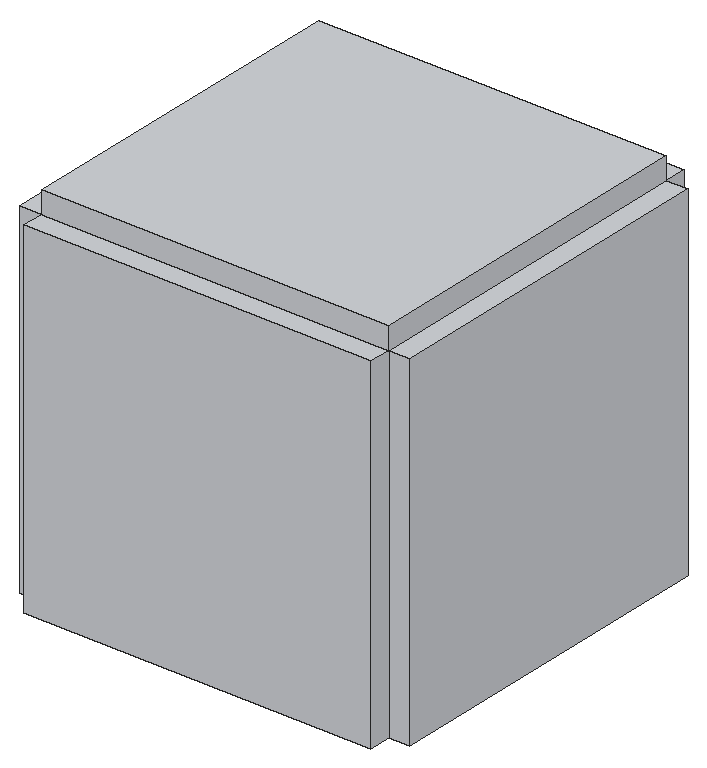
Revit family "Better", category Duct Fittings, Revit 2025
Family settings
  Round Connector Dimension = Use Diameter
  Part Type = Tee
  OmniClass Number = 23.75.70.14
  OmniClass Title = Air Ductwork
  Work Plane-Based = No
  Always vertical = Yes
  Cut with Voids When Loaded = No
  Shared = No
Parameters (values of type "Standard")
  Width' [instance] = Width / 2  # 8"
  Width [instance] = 16"
  X [instance] = 1"
  Top [instance] = yes
  Right [instance] = yes
  Left [instance] = yes
  Height' [instance] = Height / 2  # 8"
  Height [instance] = 16"
  Front [instance] = yes
  Depth' [instance] = Depth / 2  # 8"
  Depth [instance] = 16"
  Default Elevation = 0"
  Back [instance] = yes
Reference planes (in)
  plane 1 "Center (Front/Back)": y = 0
  plane 2: z = 0
  plane 3 "Center (Left/Right)": x = 0
  plane 4: z = 16
Forms (in)
  Extrusion 1, solid, visible <- "Front"
    sketch origin (0, 0, 0) x (1, 0, 0) y (0, 1, 0)
      loop
        line (-8, 8) -> (-8, -8) -> (8, -8) -> (8, 8) -> (-8, 8)
    from 0 to 16
  Extrusion 2, solid, visible <- "Front"
    sketch origin (0, 0, 0) x (1, 0, 0) y (0, 1, 0)
      loop
        line (-8, 9) -> (-8, 8) -> (8, 8) -> (8, 9) -> (-8, 9)
    from 0 to 16
  Extrusion 3, solid, visible <- "Front"
    sketch origin (0, 0, 0) x (1, 0, 0) y (0, 1, 0)
      loop
        line (-8, -8) -> (-8, 8) -> (-9, 8) -> (-9, -8) -> (-8, -8)
    from 0 to 16
  Extrusion 4, solid, visible <- "Front"
    sketch origin (0, 0, 0) x (1, 0, 0) y (0, 1, 0)
      loop
        line (-8, -8) -> (-8, -9) -> (8, -9) -> (8, -8) -> (-8, -8)
    from 0 to 16
  Extrusion 5, solid, visible <- "Front"
    sketch origin (0, 0, 0) x (1, 0, 0) y (0, 1, 0)
      loop
        line (8, 8) -> (8, -8) -> (9, -8) -> (9, 8) -> (8, 8)
    from 0 to 16
  Extrusion 6, solid, visible <- "Front"
    sketch origin (0, 0, 0) x (1, 0, 0) y (0, 1, 0)
      loop
        line (-8, 8) -> (-8, -8) -> (8, -8) -> (8, 8) -> (-8, 8)
    from 16 to 17
Cuts and joins
  joined: Extrusion 1, Extrusion 2, Extrusion 3, Extrusion 4, Extrusion 5, Extrusion 6
Dimensions and locks (in)
  equal spacing: Extrusion 1 sketch curve, plane 3 "Center (Left/Right)", Extrusion 1 sketch curve
  equal spacing: Extrusion 1 sketch curve, plane 1 "Center (Front/Back)", Extrusion 1 sketch curve
  "Width": Extrusion 1 sketch curve to Extrusion 1 sketch curve
  "Depth": Extrusion 1 sketch curve to Extrusion 1 sketch curve
  "Height": plane 4 to plane 2
  equal spacing: Extrusion 3 sketch curve, plane 1 "Center (Front/Back)", Extrusion 3 sketch curve
  "Depth": Extrusion 3 sketch curve to Extrusion 3 sketch curve
  "Width'": Extrusion 3 sketch curve to plane 3 "Center (Left/Right)"
  "X": Extrusion 3 sketch curve to Extrusion 1
  equal spacing: Extrusion 4 sketch curve, plane 3 "Center (Left/Right)", Extrusion 4 sketch curve
  "X": Extrusion 4 sketch curve to Extrusion 4 sketch curve
  "Depth'": Extrusion 4 sketch curve to plane 1 "Center (Front/Back)"
  "X": Extrusion 5 sketch curve to Extrusion 5 sketch curve
  equal spacing: Extrusion 5 sketch curve, plane 1 "Center (Front/Back)", Extrusion 5 sketch curve
  "Width'": plane 3 "Center (Left/Right)" to Extrusion 5 sketch curve
  "Depth": Extrusion 5 sketch curve to Extrusion 5 sketch curve
  "Width": Extrusion 4 sketch curve to Extrusion 4 sketch curve
  equal spacing: Extrusion 6 sketch curve, plane 3 "Center (Left/Right)", Extrusion 6 sketch curve
  equal spacing: Extrusion 6 sketch curve, plane 1 "Center (Front/Back)", Extrusion 6 sketch curve
  "Width": Extrusion 6 sketch curve to Extrusion 6 sketch curve
  "Depth": Extrusion 6 sketch curve to Extrusion 6 sketch curve
  "X": Extrusion 6 to plane 4
  "Depth'": Extrusion 2 sketch curve to plane 1 "Center (Front/Back)"
  "X": Extrusion 2 sketch curve to Extrusion 2 sketch curve
  equal spacing: Extrusion 2 sketch curve, plane 3 "Center (Left/Right)", Extrusion 2 sketch curve
  "Width": Extrusion 2 sketch curve to Extrusion 2 sketch curve
  aligned and locked: plane 4 to Extrusion 1
  aligned and locked: plane 4 to Extrusion 4
  aligned and locked: plane 4 to Extrusion 2
  aligned and locked: plane 4 to Extrusion 5
  aligned and locked: plane 4 to Extrusion 3
  aligned and locked: Extrusion 6 to plane 4
Connectors (in)
  hvac at (0, -9, 8), driven by "Height", driven by "Width"
    settings: on Extrusion 4, index 3, duct flow 0 CFM, flow factor 0, pres drop 0.00 in-wg, loss coef 0, conn angle 0.00°, conn width 16", conn height 16", conn diameter 24", duct sys type 28, conn prof type 1, flow config 0, flow direction 0, loss method 0, conn ref index -1, conn util no, is conn primary yes, conn desc ""
  hvac at (9, 0, 8), driven by "Height", driven by "Width"
    settings: on Extrusion 5, index 4, duct flow 0 CFM, flow factor 0, pres drop 0.00 in-wg, loss coef 0, conn angle 0.00°, conn width 16", conn height 16", conn diameter 24", duct sys type 28, conn prof type 1, flow config 0, flow direction 0, loss method 0, conn ref index -1, conn util no, is conn primary no, conn desc ""
  hvac at (0, 9, 8), driven by "Height", driven by "Width"
    settings: on Extrusion 2, index 5, duct flow 0 CFM, flow factor 0, pres drop 0.00 in-wg, loss coef 0, conn angle 0.00°, conn width 16", conn height 16", conn diameter 24", duct sys type 28, conn prof type 1, flow config 0, flow direction 0, loss method 0, conn ref index -1, conn util no, is conn primary no, conn desc ""
  hvac at (-9, 0, 8), driven by "Height", driven by "Width"
    settings: on Extrusion 3, index 6, duct flow 0 CFM, flow factor 0, pres drop 0.00 in-wg, loss coef 0, conn angle 0.00°, conn width 16", conn height 16", conn diameter 24", duct sys type 28, conn prof type 1, flow config 0, flow direction 0, loss method 0, conn ref index -1, conn util no, is conn primary no, conn desc ""
  hvac at (0, 0, 17), driven by "Height", driven by "Width"
    settings: on Extrusion 6, index 7, duct flow 0 CFM, flow factor 0, pres drop 0.00 in-wg, loss coef 0, conn angle 0.00°, conn width 16", conn height 16", conn diameter 24", duct sys type 28, conn prof type 1, flow config 0, flow direction 0, loss method 0, conn ref index -1, conn util no, is conn primary no, conn desc ""
